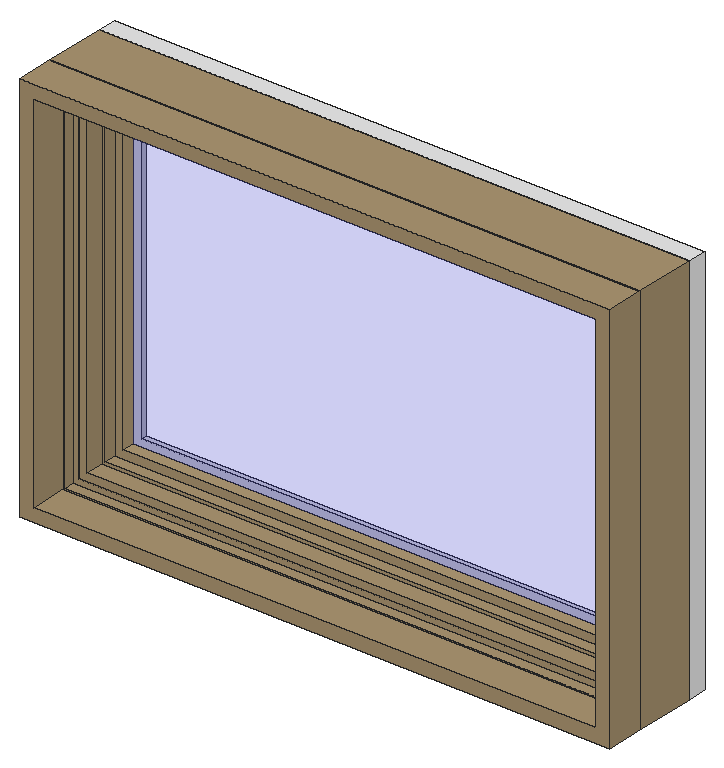
Revit family "Window-Awning-Pella-Architect-Contemporary-Fixed-1", category Windows, host Wall, Revit 2013
Parameters (values of type "Awning No Grille")
  Warranty = "https://content.pella.com/cs/groups/public/documents/document/mdaw/mde3/~edisp/pel-017828.pdf?_ga=1.89380059.1797906072.1467308852"
  Wall Thickness [instance] = 0' - 6"
  Visual Light Transmittance = 0
  Vertical Grille Spacing = (Width - 0' 4 47/64") / (Vertical Mullions + 1)  # 0' - 10 27/64"
  Vertical Grille Offset = Vertical Grille Spacing  # 0' - 10 27/64"
  Traditional Grille Single Vertical = and(Traditional Lites Wide = 2, Traditional Grille)  # no
  Traditional Grille Single Horizontal = and(Traditional Lites High = 2, Traditional Grille)  # no
  Traditional Grille Array Vertical = and(Traditional Lites Wide > 2, Traditional Grille)  # no
  Traditional Grille = no
  Traditional Lites Wide = 2
  Nail Fin = yes
  Max Lites = 10  # constant formula
  Horizontal Mullions = if(and(Traditional Lites High < Max Lites, Traditional Lites High > 3), Traditional Lites High - 1, if(or(Traditional Lites High = Max Lites, Traditional Lites High > Max Lites), Max Lites - 1, 2))  # 2
  URL = "http://professional.pella.com"
  Type Comments = "Awning"  # constant formula
  Traditional Grille Array Horizontal = and(Traditional Lites High > 2, Traditional Grille)  # no
  Thermal Resistance (R) = 10.0000 (h·ft²·°F)/BTU
  Specification = "http://media.pella.com/professional/adm/Wood-CSI_Specs/08551.rtf"
  Solar Heat Gain Coefficient = 0
  Rough Width = Width + 0' 0 3/4"  # 3' - 0 3/4"
  Rough Height = Height + 0' 0 3/4"  # 2' - 0 3/4"
  Requested Height = 2' - 0"
  Product Page URL = "http://professional.pella.com/windows/product-details/awning-architect"
  Product Name = "Architect Series Contemporary"  # constant formula
  Product Documentation Link = "http://media.pella.com/professional/adm/Clad-Wood/AW_ASSZTAB.pdf"
  Prairie Offset = 0' - 3"  # constant formula
  Prairie Grille = no
  Operation = "Fixed"  # constant formula
  Offset = 0' - 0"
  Mullions = 0' - 0 7/8"  # constant formula
  Model = "Awning Fixed"  # constant formula
  Min Width = 1' - 5"  # constant formula
  Min Height = 1' - 5"  # constant formula
  Max Width = 4' - 11"  # constant formula
  Max Height = 2' - 5"  # constant formula
  Material = "Wood - Pine"  # constant formula
  Manufacturer = "Pella"  # constant formula
  Requested Width = 3' - 0"
  LEED = "http://professional.pella.com/support/leed"
  Jamb Extensions Depth [instance] = if(Jamb Extensions Calc > 0' 0 1/8", Jamb Extensions Calc, 0' 0 1/8")  # 0' - 2 9/32"
  Jamb Extensions Calc [instance] = if(Offset > 0' 0", Wall Thickness - 0' 3 23/32" + Offset, Wall Thickness - 0' 3 23/32" - Inset)  # 0' - 2 9/32"
  Jamb Extensions = yes
  Interior Finish = Wood-Pella-Pine
  Inset = 0' - 0"
  Horizontal Grille Spacing = (Height - 0' 4 47/64") / (Horizontal Mullions + 1)  # 0' - 6 27/64"
  Horizontal Grille Offset = Horizontal Grille Spacing  # 0' - 6 27/64"
  Traditional Lites High = 2
  Height = if(and(Requested Height < Max Height, Requested Height > Min Height), Requested Height, if(or(Requested Height = Max Height, Requested Height > Max Height), Max Height, Min Height))  # 2' - 0"
  Heat Transfer Coefficient (U) = 0.1000 BTU/(h·ft²·°F)
  Grille Width = Width - 0' 4 47/64"  # 2' - 7 17/64"
  Grille Height = Height - 0' 4 47/64"  # 1' - 7 17/64"
  Vertical Mullions = if(and(Traditional Lites Wide < Max Lites, Traditional Lites Wide > 2), Traditional Lites Wide - 1, if(or(Traditional Lites Wide = Max Lites, Traditional Lites Wide > Max Lites), Max Lites - 1, 2))  # 2
  Glazing = Glass-Pella-Low_E-Argon
  Glass Thickness = 0' - 0 11/16"  # constant formula
  Finish = Aluminum-Pella-EnduraClad-White
  Energy Star = "http://www.pella.com/features-options/energy-efficiency/energy-star/"
  Description = "Aluminum Clad Wood Window"  # constant formula
  Depth = 0' - 5 1/128"  # constant formula
  Default Sill Height = 3' - 0"  # constant formula
  Wall Closure = By host
  Width = if(and(Requested Width < Max Width, Requested Width > Min Width), Requested Width, if(or(Requested Width = Max Width, Requested Width > Max Width), Max Width, Min Width))  # 3' - 0"
  Cladding = "Aluminum"  # constant formula
  Assembly Code = "B2020130"
  Analytic Construction = "<None>"
Types (4): name | Visual Light Transmittance | Traditional Grille Single Vertical | Traditional Grille Single Horizontal | Traditional Grille | Thermal Resistance (R) | Solar Heat Gain Coefficient | Prairie Grille | Heat Transfer Coefficient (U) | Analytic Construction
  (no name) | 0 | no | no | no | 1.7611 m²·K/W | 0 | no | 0.56783 W/(m²·K) | "<None>"
  Awning Traditional Grille | 0.76 | yes | yes | yes | 2.8573 (h·ft²·°F)/BTU | 0.65 | no | 0.3500 BTU/(h·ft²·°F) | "Double glazing - 1/8 in thick - low-E/clear (e = 0.2) glass"
  Awning Prairie Grille | 0.76 | no | no | no | 2.8573 (h·ft²·°F)/BTU | 0.65 | yes | 0.3500 BTU/(h·ft²·°F) | "Double glazing - 1/8 in thick - low-E/clear (e = 0.2) glass"
  Awning No Grille | 0 | no | no | no | 10.0000 (h·ft²·°F)/BTU | 0 | no | 0.1000 BTU/(h·ft²·°F) | "<None>"
Reference planes (in)
  plane 1 "Center (Front/Back)": y = 0
  plane 2: z = 0
  plane 3 "Center (Left/Right)": x = 0
  plane 4 "Left": x = -18
  plane 5 "Right": x = 18
  plane 6 "Sill": z = 36
  plane 7 "Top": z = 60
  plane 8 "Nail Flange": y = 3
  plane 9 "Glass Front": y = 3.19273
  plane 10 "Glass Back": y = 2.50523
  plane 11 "Front": y = 4.2919
  plane 12 "Back": y = -0.71591
  plane 13 "Glass Bottom": z = 37.99998
  plane 14 "Glass Top": z = 58.00002
  plane 15 "Glass Left": x = -16.00002
  plane 16 "Glass Right": x = 16.00002
  plane 17 "Inset": y = 3
  plane 18 "Jamb Extension": y = -0.71875
  plane 19 "Grille Bottom": z = 38.36679
  plane 20: z = 57.63321
  plane 21: x = 15.63321
  plane 22: x = -15.63321
  plane 23 "Prarie Right": x = 12.63321
  plane 24 "Prarie Left": x = -12.63321
  plane 25 "Prarie Top": z = 54.63321
  plane 26 "Prarie Bottom": z = 41.36679
  plane 27 "Center (Elevation)": z = 48
Forms (in)
  Sweep 1, solid, material "Wood-Pella-Pine" <- "Interior Finish", detail levels medium+fine
    path origin (0, 3, 0) x (-1, 0, 0) y (0, 0, 1)
      loop
        line (-18, 36) -> (18, 36) -> (18, 60) -> (-18, 60) -> (-18, 36)
    profile origin (-18, 3, 48) x (1, 0, 0) y (0, 1, 0)
      loop
        line (0, -3.71591) -> (0.875, -3.71591) -> (0.875, -3.04312) -> (1.25, -3.04312) -> (1.25, -1.52632) -> (1.029, -1.52632) -> (1.029, -0.84457) -> (0.72995, -0.84457) -> (0.72995, 0.33204) -> (0.259, 0.33204) -> (0.259, 0.08771) -> (0, 0.08771) -> (0, -3.71591)
  Sweep 2, solid, material "Aluminum-Pella-EnduraClad-White" <- "Finish", detail levels medium+fine
    path origin (0, 3, 0) x (-1, 0, 0) y (0, 0, 1)
      loop
        line (-18, 36) -> (18, 36) -> (18, 60) -> (-18, 60) -> (-18, 36)
    profile origin (-18, 3, 48) x (1, 0, 0) y (0, 1, 0)
      loop
        line (0.72995, -0.35799) -> (0.814, -0.35799) -> (0.814, 0.08998) -> (0.76564, 0.64798) -> (0.76564, 1.2299) -> (0.57394, 1.2299) -> (0.36396, 1.2919) -> (0.197, 1.2919) -> (0.197, 0.9179) -> (0.09, 0.9179) -> (0.09, 1.24933) -> (0, 1.24933) -> (0, 0.0999) -> (0.259, 0.0999) -> (0.259, 0.33204) -> (0.72995, 0.33204) -> (0.72995, -0.35799)
      loop
        line (1.012, 0.30847) -> (1.88298, 0.30847) -> (1.88298, 0.19273) -> (2.45587, 0.19273) -> (2.36679, 0.63726) -> (1.012, 0.63726) -> (1.012, 0.30847)
  Extrusion 3, solid, material "Glass-Pella-Low_E-Argon" <- "Glazing"
    sketch origin (0, 0, 36) x (0, -1, 0) y (1, 0, 0)
      loop
        line (-2.50523, -16.00002) -> (-2.50523, 16.00002) -> (-3.19273, 16.00002) -> (-3.19273, -16.00002) -> (-2.50523, -16.00002)
    from 1.99998 to 22.00002
  Sweep 4, solid, material "Aluminum-Pella-EnduraClad-White" <- "Finish", detail levels coarse
    path origin (0, 3, 0) x (-1, 0, 0) y (0, 0, 1)
      loop
        line (-18, 36) -> (18, 36) -> (18, 60) -> (-18, 60) -> (-18, 36)
    profile origin (-18, 3, 48) x (1, 0, 0) y (0, 1, 0)
      loop
        line (0, 0) -> (2.46, 0) -> (2.46, 0.63726) -> (0.76564, 0.63726) -> (0.76564, 1.2919) -> (0, 1.2919) -> (0, 0)
  Sweep 5, solid, material "Wood-Pella-Pine" <- "Interior Finish", detail levels coarse
    path origin (0, 3, 0) x (-1, 0, 0) y (0, 0, 1)
      loop
        line (-18, 36) -> (18, 36) -> (18, 60) -> (-18, 60) -> (-18, 36)
    profile origin (-18, 3, 48) x (1, 0, 0) y (0, 1, 0)
      loop
        line (0, -3.71591) -> (1.719, -3.71591) -> (1.719, -1.11274) -> (2.46, -1.11274) -> (2.46, 0) -> (0, 0) -> (0, -3.71591)
  Sweep 6, solid, material "Wood-Pella-Pine" <- "Interior Finish", visible <- "Jamb Extensions"
    path origin (0, -0.71875, 0) x (-1, 0, 0) y (0, 0, 1)
      loop
        line (-18, 36) -> (18, 36) -> (18, 60) -> (-18, 60) -> (-18, 36)
    profile origin (-18, -0.71875, 48) x (1, 0, 0) y (0, 1, 0)
      loop
        line (0, -2.28125) -> (0.812, -2.28125) -> (0.812, 0) -> (0, 0) -> (0, -2.28125)
  Sweep 7, solid, material "Wood-Pella-Pine" <- "Interior Finish", detail levels medium+fine
    path origin (0, 2.50523, 0) x (-1, 0, 0) y (0, 0, 1)
      loop
        line (-18, 36) -> (18, 36) -> (18, 60) -> (-18, 60) -> (-18, 36)
    profile origin (-18, 2.50523, 48) x (1, 0, 0) y (0, 1, 0)
      loop
        line (1.25, 0.80325) -> (1.25, -2.54796) -> (1.719, -2.54796) -> (1.719, -1.40696) -> (1.875, -1.40696) -> (1.875, -0.61796) -> (2.344, -0.61796) -> (2.47535, 0) -> (1.88298, 0) -> (1.88298, 0.80325) -> (1.25, 0.80325)
Lines and regions (in)
  Opening 1
    outline origin (-60, -3, 0) x (1, 0, 0) y (0, 0, 1)
      loop
        line (42, 60) -> (42, 36) -> (78, 36) -> (78, 60) -> (42, 60)
  Masking region 1, detail levels coarse
    outline origin (0, 0, 36) x (0, -1, 0) y (1, 0, 0)
      loop
        line (-3.19273, -15.54) -> (-2.50523, -15.54) -> (-2.50523, 15.54) -> (-3.19273, 15.54) -> (-3.19273, -15.54)
  Masking region 2, detail levels coarse
    outline origin (0, 0, 0) x (0, 1, 0) y (0, 0, 1)
      loop
        line (3.19273, 38.46) -> (3.19273, 57.54) -> (2.50523, 57.54) -> (2.50523, 38.46) -> (3.19273, 38.46)
  Masking region 3, detail levels medium+fine
    outline origin (0, 0, 0) x (0, 1, 0) y (0, 0, 1)
      loop
        line (3.19273, 37.99998) -> (3.19273, 58.00002) -> (3.06773, 58.00002) -> (3.06773, 37.99998) -> (3.19273, 37.99998)
      loop
        line (2.63023, 37.99998) -> (2.63023, 58.00002) -> (2.50523, 58.00002) -> (2.50523, 37.99998) -> (2.63023, 37.99998)
  Masking region 4, detail levels medium+fine
    outline origin (0, 0, 36) x (0, -1, 0) y (1, 0, 0)
      loop
        line (-2.50523, -16.00002) -> (-2.50523, 16.00002) -> (-2.63023, 16.00002) -> (-2.63023, -16.00002) -> (-2.50523, -16.00002)
      loop
        line (-3.06773, -16.00002) -> (-3.06773, 16.00002) -> (-3.19273, 16.00002) -> (-3.19273, -16.00002) -> (-3.06773, -16.00002)
  Masking region 5, visible <- "Jamb Extensions"
    outline origin (0, 0, 48) x (1, 0, 0) y (0, 1, 0)
      loop
        line (-18, -3) -> (-17.188, -3) -> (-17.188, -0.71591) -> (-18, -0.71591) -> (-18, -3)
      loop
        line (17.188, -3) -> (18, -3) -> (18, -0.71591) -> (17.188, -0.71591) -> (17.188, -3)
  Masking region 6, visible <- "Jamb Extensions"
    outline origin (0, 0, 0) x (0, 1, 0) y (0, 0, 1)
      loop
        line (-0.71591, 36) -> (-0.71591, 36.812) -> (-3, 36.812) -> (-3, 36) -> (-0.71591, 36)
      loop
        line (-0.71591, 59.188) -> (-0.71591, 60) -> (-3, 60) -> (-3, 59.188) -> (-0.71591, 59.188)
  symbolic lines, style "Elevation Swing"
    curve 1: line (18, 4.2919, 36) -> (0, 4.2919, 60)
    curve 2: line (0, 4.2919, 60) -> (-18, 4.2919, 36)
Text (in)
  text "EXTERIOR" at (-58.6888, 50.90694, 0), in view "Ref. Level"
  text "INTERIOR" at (-58.6888, -37.76638, 0), in view "Ref. Level"
  text "Exterior" at (0, 43.65631, 123.19604), in view "Left"
  text "Exterior" at (0, 18.29385, 125.04747), in view "Right"
Dimensions and locks (in)
  equal spacing: plane 4 "Left", plane 3 "Center (Left/Right)", plane 5 "Right"
  "Width": plane 4 "Left" to plane 5 "Right"
  "Height": plane 6 "Sill" to plane 7 "Top"
  "Default Sill Height": plane 2 to plane 6 "Sill"
  locked: plane 9 "Glass Front" to plane 8 "Nail Flange" at 0.19273
  "Offset": plane 8 "Nail Flange" to plane 17 "Inset"
  locked: Masking region 1 sketch curve to plane 16 "Glass Right" at 0.46002
  locked: plane 15 "Glass Left" to Masking region 1 sketch curve at 0.46002
  locked: Masking region 2 sketch curve to plane 14 "Glass Top" at 0.46002
  locked: plane 13 "Glass Bottom" to Masking region 2 sketch curve at 0.46002
  locked: plane 9 "Glass Front" to Masking region 3 sketch curve at 0.125
  locked: Masking region 3 sketch curve to plane 10 "Glass Back" at 0.125
  locked: Masking region 4 sketch curve to plane 10 "Glass Back" at 0.125
  locked: plane 9 "Glass Front" to Masking region 4 sketch curve at 0.125
  locked: plane 11 "Front" to plane 8 "Nail Flange" at 1.2919
  "Depth": plane 11 "Front" to plane 12 "Back"
  plane 4 "Left" to Sweep 2 sketch curve to Sweep 2 sketch curve to Sweep 2 sketch curve to Sweep 2 sketch curve to Sweep 2 sketch curve to Sweep 2 sketch curve to Sweep 2 sketch curve to Sweep 2 sketch curve = 0' - 0.09" locked, 0' - 0.107" locked, 0' - 0.062" locked, 0' - 0.10496" locked, 0' - 0.20997" locked, 0' - 0.15601" locked, 0' - 0.0357" locked, 0' - 0.04836" locked
  plane 11 "Front" to Sweep 2 sketch curve to Sweep 2 sketch curve to Sweep 2 sketch curve to Sweep 2 sketch curve to Sweep 2 sketch curve to Sweep 2 sketch curve to Sweep 2 sketch curve to Sweep 2 sketch curve = 0' - 0.04257" locked, 0' - 0.01943" locked, 0' - 0.312" locked, 0' - 0.26992" locked, 0' - 0.31594" locked, 0' - 0.23214" locked, 0' - 0.00992" locked, 0' - 0.44797" locked
  locked: plane 6 "Sill" to plane 13 "Glass Bottom" at 1.99998
  locked: plane 7 "Top" to plane 14 "Glass Top" at 1.99998
  locked: plane 16 "Glass Right" to plane 5 "Right" at 1.99998
  locked: plane 4 "Left" to plane 15 "Glass Left" at 1.99998
  locked: Sweep 4 sketch curve to plane 8 "Nail Flange" at 0.63726
  plane 4 "Left" to Sweep 4 sketch curve to Sweep 4 sketch curve = 0' - 0 49/64" locked, 0' - 1.69436" locked
  locked: plane 8 "Nail Flange" to Sweep 5 sketch curve at 1.11274
  plane 4 "Left" to Sweep 5 sketch curve to Sweep 5 sketch curve = 0' - 1.719" locked, 0' - 0.741" locked
  "Inset": host wall to plane 17 "Inset"
  "Wall Thickness": host wall to host wall
  "Jamb Extensions Depth": host wall to plane 18 "Jamb Extension"
  locked: plane 4 "Left" to Sweep 6 sketch curve at 0.812
  locked: plane 20 to plane 7 "Top" at 2.36679
  locked: plane 6 "Sill" to plane 19 "Grille Bottom" at 2.36679
  locked: plane 5 "Right" to plane 21 at 2.36679
  locked: plane 4 "Left" to plane 22 at 2.36679
  "Prairie Offset": plane 19 "Grille Bottom" to plane 26 "Prarie Bottom"
  "Prairie Offset": plane 25 "Prarie Top" to plane 20
  "Prairie Offset": plane 21 to plane 23 "Prarie Right"
  "Prairie Offset": plane 24 "Prarie Left" to plane 22
  locked: nested 7 to plane 9 "Glass Front" at 0
  locked: nested 8 to plane 9 "Glass Front" at 0
  locked: plane 21 to nested 8 at 0.00237
  "Vertical Grille Offset": nested 9 to plane 21
  group 2 to group 1 = 0' - 10 27/64"
  group 1 to group 2 = 0' - 0"  (x2)
  "Vertical Grille Spacing": nested 10 to nested 9
  "Horizontal Grille Offset": plane 19 "Grille Bottom" to nested 11
  group 3 to group 4 = 0' - 0"  (x2)
  group 3 to group 4 = 0' - 6 27/64"
  "Horizontal Grille Spacing": nested 11 to nested 12
  locked: nested 12 to plane 21 at 0
  equal spacing: plane 6 "Sill", plane 27 "Center (Elevation)", plane 7 "Top"
  locked: nested 14 to plane 27 "Center (Elevation)"
  locked: plane 4 "Left" to Masking region 5 sketch curve at 0.812
  locked: Masking region 5 sketch curve to plane 5 "Right" at 0.812
  locked: Masking region 6 sketch curve to plane 7 "Top" at 0.812
  locked: plane 6 "Sill" to Masking region 6 sketch curve at 0.812
  "Glass Thickness": plane 9 "Glass Front" to plane 10 "Glass Back"
  Sweep 1 sketch curve to Sweep 1 sketch curve to Sweep 1 sketch curve to Sweep 1 sketch curve to Sweep 1 sketch curve to plane 18 "Jamb Extension" = 0' - 0.24433" locked, 0' - 0.93227" locked, 0' - 0.68175" locked, 0' - 1.5168" locked, 0' - 0.67563" locked
  plane 4 "Left" to Sweep 1 sketch curve to Sweep 1 sketch curve to Sweep 1 sketch curve to Sweep 1 sketch curve to Sweep 1 sketch curve = 0' - 0.259" locked, 0' - 0.47095" locked, 0' - 0.14505" locked, 0' - 0.154" locked, 0' - 0.221" locked
  Sweep 2 sketch curve to Sweep 2 sketch curve to plane 9 "Glass Front" = 0' - 0.32879" locked, 0' - 0.11575" locked
  Sweep 2 sketch curve to Sweep 2 sketch curve to plane 15 "Glass Left" to Sweep 2 sketch curve to Sweep 2 sketch curve = 0' - 0.87098" locked, 0' - 0.117" locked, 0' - 0.36681" locked, 0' - 0.08908" locked
  Sweep 7 sketch curve to plane 10 "Glass Back" to Sweep 7 sketch curve to Sweep 7 sketch curve to Sweep 7 sketch curve = 0' - 0.80325" locked, 0' - 0.61796" locked, 0' - 0.789" locked, 0' - 1.141" locked
  Sweep 7 sketch curve to Sweep 7 sketch curve to Sweep 7 sketch curve to Sweep 7 sketch curve to plane 15 "Glass Left" to Sweep 7 sketch curve to Sweep 7 sketch curve = 0' - 0.469" locked, 0' - 0.156" locked, 0' - 0.00798" locked, 0' - 0.117" locked, 0' - 0.34402" locked, 0' - 0.13135" locked
  aligned and locked: plane 7 "Top" to Opening 1 sketch curve
  aligned and locked: plane 6 "Sill" to Opening 1 sketch curve  (x2)
  aligned and locked: plane 5 "Right" to Opening 1 sketch curve
  aligned and locked: plane 4 "Left" to Opening 1 sketch curve
  aligned and locked: level to plane 2
  aligned and locked: nested 1 to plane 8 "Nail Flange"
  aligned and locked: nested 1 to plane 5 "Right"
  aligned and locked: plane 8 "Nail Flange" to nested 2
  aligned and locked: nested 2 to plane 4 "Left"
  aligned and locked: plane 8 "Nail Flange" to nested 3
  aligned and locked: nested 3 to plane 6 "Sill"
  aligned and locked: nested 4 to plane 8 "Nail Flange"
  aligned and locked: nested 4 to plane 7 "Top"
  aligned and locked: Masking region 1 sketch curve to plane 9 "Glass Front"
  aligned and locked: plane 10 "Glass Back" to Masking region 1 sketch curve
  aligned and locked: plane 10 "Glass Back" to Masking region 2 sketch curve
  aligned and locked: Masking region 2 sketch curve to plane 9 "Glass Front"
  aligned and locked: plane 10 "Glass Back" to Masking region 3 sketch curve
  aligned and locked: Masking region 3 sketch curve to plane 9 "Glass Front"
  aligned and locked: plane 9 "Glass Front" to Masking region 4 sketch curve
  aligned and locked: Masking region 4 sketch curve to plane 10 "Glass Back"
  aligned and locked: Sweep 1 sketch curve to plane 5 "Right"
  aligned and locked: plane 4 "Left" to Sweep 1 sketch curve  (x2)
  aligned and locked: Sweep 1 sketch curve to plane 7 "Top"
  aligned and locked: plane 6 "Sill" to Sweep 1 sketch curve
  aligned and locked: Sweep 1 sketch curve to plane 12 "Back"
  aligned and locked: Sweep 2 sketch curve to plane 5 "Right"
  aligned and locked: plane 4 "Left" to Sweep 2 sketch curve  (x2)
  aligned and locked: plane 6 "Sill" to Sweep 2 sketch curve
  aligned and locked: Sweep 2 sketch curve to plane 7 "Top"
  aligned and locked: plane 11 "Front" to Sweep 2 sketch curve
  aligned and locked: plane 10 "Glass Back" to Extrusion 3 sketch curve
  aligned and locked: Extrusion 3 sketch curve to plane 9 "Glass Front"
  aligned and locked: plane 15 "Glass Left" to Extrusion 3 sketch curve
  aligned and locked: plane 16 "Glass Right" to Extrusion 3 sketch curve
  aligned and locked: plane 15 "Glass Left" to Masking region 4 sketch curve  (x2)
  aligned and locked: plane 16 "Glass Right" to Masking region 4 sketch curve  (x2)
  aligned and locked: plane 13 "Glass Bottom" to Masking region 3 sketch curve  (x2)
  aligned and locked: Masking region 3 sketch curve to plane 14 "Glass Top"  (x2)
  aligned and locked: Extrusion 3 to plane 13 "Glass Bottom"
  aligned and locked: plane 14 "Glass Top" to Extrusion 3
  aligned and locked: plane 6 "Sill" to Sweep 4 sketch curve
  aligned and locked: Sweep 4 sketch curve to plane 5 "Right"
  aligned and locked: Sweep 4 sketch curve to plane 7 "Top"
  aligned and locked: plane 4 "Left" to Sweep 4 sketch curve  (x2)
  aligned and locked: plane 11 "Front" to Sweep 4 sketch curve
  aligned and locked: Sweep 4 sketch curve to plane 8 "Nail Flange"
  aligned and locked: plane 4 "Left" to Sweep 5 sketch curve  (x2)
  aligned and locked: Sweep 5 sketch curve to plane 5 "Right"
  aligned and locked: Sweep 5 sketch curve to plane 7 "Top"
  aligned and locked: plane 6 "Sill" to Sweep 5 sketch curve
  aligned and locked: Sweep 5 sketch curve to plane 12 "Back"
  aligned and locked: plane 8 "Nail Flange" to Sweep 5 sketch curve
  aligned and locked: Sweep 6 sketch curve to plane 5 "Right"
  aligned and locked: plane 4 "Left" to Sweep 6 sketch curve  (x2)
  aligned and locked: plane 6 "Sill" to Sweep 6 sketch curve
  aligned and locked: Sweep 6 sketch curve to plane 7 "Top"
  aligned and locked: plane 18 "Jamb Extension" to Sweep 6 sketch curve
  aligned and locked: host wall to Sweep 6 sketch curve
  aligned and locked: plane 9 "Glass Front" to nested 5
  aligned and locked: plane 23 "Prarie Right" to nested 5
  aligned and locked: plane 9 "Glass Front" to nested 6
  aligned and locked: plane 21 to nested 6
  aligned and locked: plane 26 "Prarie Bottom" to nested 6
  aligned and locked: plane 24 "Prarie Left" to nested 7
  aligned and locked: plane 25 "Prarie Top" to nested 8
  aligned and locked: plane 9 "Glass Front" to nested 9
  aligned and locked: plane 9 "Glass Front" to nested 10
  aligned and locked: plane 9 "Glass Front" to nested 11
  aligned and locked: plane 21 to nested 11
  aligned and locked: plane 9 "Glass Front" to nested 12
  aligned and locked: plane 9 "Glass Front" to nested 13
  aligned and locked: plane 3 "Center (Left/Right)" to nested 13
  aligned and locked: plane 9 "Glass Front" to nested 14
  aligned and locked: plane 21 to nested 14
  aligned and locked: plane 12 "Back" to Masking region 5 sketch curve  (x2)
  aligned and locked: host wall to Masking region 5 sketch curve  (x2)
  aligned and locked: plane 4 "Left" to Masking region 5 sketch curve
  aligned and locked: Masking region 5 sketch curve to plane 5 "Right"
  aligned and locked: Masking region 6 sketch curve to plane 6 "Sill"
  aligned and locked: Masking region 6 sketch curve to host wall  (x2)
  aligned and locked: Masking region 6 sketch curve to plane 12 "Back"  (x2)
  aligned and locked: plane 7 "Top" to Masking region 6 sketch curve
  aligned and locked: plane 9 "Glass Front" to Sweep 2 sketch curve
  aligned and locked: plane 6 "Sill" to Sweep 7 sketch curve
  aligned and locked: Sweep 7 sketch curve to plane 5 "Right"
  aligned and locked: Sweep 7 sketch curve to plane 7 "Top"
  aligned and locked: plane 4 "Left" to Sweep 7 sketch curve
  aligned and locked: Sweep 7 sketch curve to plane 10 "Glass Back"
  aligned and locked: plane 6 "Sill" to curve 2
  aligned and locked: plane 4 "Left" to curve 2
  aligned and locked: plane 6 "Sill" to curve 1
  aligned and locked: plane 5 "Right" to curve 1
  aligned and locked: plane 3 "Center (Left/Right)" to curve 1
  aligned and locked: plane 7 "Top" to curve 1
Nested families (in)
  nested 1: "Nested-Awning-Pella-Architect-Contemporary-Fixed" at (18, 3, 36) x (0, -1, 0) z (0, 0, -1), type "Fixed Awning"
  nested 2: "Nested-Awning-Pella-Architect-Contemporary-Fixed" at (-18, 3, 36) x (0, -1, 0) z (0, 0, -1), type "Fixed Awning"
  nested 3: "Nested-Awning-Pella-Architect-Contemporary-Fixed" at (0, 3, 36) x (0, -1, 0) z (1, 0, 0), type "Fixed Awning"
  nested 4: "Nested-Awning-Pella-Architect-Contemporary-Fixed" at (0, 3, 60) x (0, -1, 0) z (1, 0, 0), type "Fixed Awning"
  nested 5: "Nested-Mullion-Pella" at (12.63321, 2.84898, 38.36679), visible <- "Prairie Grille", type "Vertical Mullion"
    with Height 1' - 7 17/64", Glass Thickness 0' - 0 11/16", Depth 0' - 1 7/16"
  nested 6: "Nested-Mullion-Pella" at (0.00039, 2.84898, 40.92929), visible <- "Prairie Grille", type "Horizontal Mullion"
    with Width 2' - 7 17/64", Glass Thickness 0' - 0 11/16", Depth 0' - 1 7/16"
  nested 7: "Nested-Mullion-Pella" at (-12.63321, 2.84898, 38.36679), visible <- "Prairie Grille", type "Vertical Mullion"
    with Height 1' - 7 17/64", Glass Thickness 0' - 0 11/16", Depth 0' - 1 7/16"
  nested 8: "Nested-Mullion-Pella" at (-0.00198, 2.84898, 54.19571), visible <- "Prairie Grille", type "Horizontal Mullion"
    with Width 2' - 7 17/64", Glass Thickness 0' - 0 11/16", Depth 0' - 1 7/16"
  nested 9: "Nested-Mullion-Pella" at (5.21133, 2.84898, 38.36679), visible <- "Traditional Grille Array Vertical", type "Vertical Mullion"
    with Height 1' - 7 17/64", Glass Thickness 0' - 0 11/16", Depth 0' - 1 7/16"
  nested 10: "Nested-Mullion-Pella" at (-5.21054, 2.84898, 38.36679), visible <- "Traditional Grille Array Vertical", type "Vertical Mullion"
    with Height 1' - 7 17/64", Glass Thickness 0' - 0 11/16", Depth 0' - 1 7/16"
  nested 11: "Nested-Mullion-Pella" at (0.00039, 2.84898, 44.35117), visible <- "Traditional Grille Array Horizontal", type "Horizontal Mullion"
    with Width 2' - 7 17/64", Glass Thickness 0' - 0 11/16", Depth 0' - 1 7/16"
  nested 12: "Nested-Mullion-Pella" at (0.00039, 2.84898, 50.77304), visible <- "Traditional Grille Array Horizontal", type "Horizontal Mullion"
    with Width 2' - 7 17/64", Glass Thickness 0' - 0 11/16", Depth 0' - 1 7/16"
  nested 13: "Nested-Mullion-Pella" at (0, 2.84898, 38.36679), visible <- "Traditional Grille Single Vertical", type "Vertical Mullion"
    with Height 1' - 7 17/64", Glass Thickness 0' - 0 11/16", Depth 0' - 1 7/16"
  nested 14: "Nested-Mullion-Pella" at (0.00039, 2.84898, 47.5625), visible <- "Traditional Grille Single Horizontal", type "Horizontal Mullion"
    with Width 2' - 7 17/64", Glass Thickness 0' - 0 11/16", Depth 0' - 1 7/16"
Definition of nested family "Nested-Mullion-Pella"
  Parameters (values of type "Vertical Mullion")
    Width = 0' - 0 7/8"
    Vertical = yes
    URL = "http://www.pella.com/"
    Type Comments = "Mullion"  # constant formula
    Model = "Mullion for Pella Models"  # constant formula
    Manufacturer = "Pella"  # constant formula
    Interior Finish = Wood-Pella-Pine
    Horizontal = no
    Height = 1' - 8 49/64"
    Glass Thickness = 0' - 0 13/16"
    Finish = Aluminum-Pella-EnduraClad-White
    Description = "For use with Pella Models"  # constant formula
    Depth = Glass Thickness + 0' 0 3/4"  # 0' - 1 9/16"
    Default Elevation = 4' - 0"
  Types (2): name | Width | Vertical | Horizontal | Height
    Horizontal Mullion | 1' - 8 49/64" | no | yes | 0' - 0 7/8"
    Vertical Mullion | 0' - 0 7/8" | yes | no | 1' - 8 49/64"
  Reference planes (in)
    plane 1 "Center (Front/Back)": y = 0
    plane 2 "Bottom": z = 0
    plane 3 "Center (Left/Right)": x = 0
    plane 4 "Left": x = -0.4375
    plane 5 "Right": x = 0.4375
    plane 6 "Front": y = -0.78125
    plane 7 "Back": y = 0.78125
    plane 8 "Top": z = 20.76563
    plane 9 "Glass Back": y = 0.40625
    plane 10 "Glass Front": y = -0.40625
    plane 11 "Center (Elevation)": z = 10.38281
  Forms (in)
    Extrusion 1, solid, material "Aluminum-Pella-EnduraClad-White" <- "Finish", detail levels medium+fine
      sketch origin (0, 0, 0) x (1, 0, 0) y (0, 1, 0)
        loop
          line (-0.4375, 0.78125) -> (-0.4375, 0.40625) -> (0.4375, 0.40625) -> (0.4375, 0.78125) -> (-0.4375, 0.78125)
      from 0 to 20.76562
    Extrusion 2, solid, material "Wood-Pella-Pine" <- "Interior Finish", detail levels medium+fine
      sketch origin (0, 0, 0) x (1, 0, 0) y (0, 1, 0)
        loop
          line (-0.4375, -0.40625) -> (-0.4375, -0.78125) -> (0.4375, -0.78125) -> (0.4375, -0.40625) -> (-0.4375, -0.40625)
      from 0 to 20.76562
    Extrusion 3, solid, material "Foam-Pella-Dark_Grey", detail levels medium+fine
      sketch origin (0, 0, 0) x (1, 0, 0) y (0, 1, 0)
        loop
          line (-0.25, -0.28125) -> (0.25, -0.28125) -> (0.25, 0.28125) -> (-0.25, 0.28125) -> (-0.25, -0.28125)
      from 0 to 20.76562
  Lines and regions (in)
    model lines, visible <- "Vertical", detail levels coarse
      curve 1: line (0, -0.40625, 0) -> (0, -0.40625, 20.76563)
      curve 2: line (0, 0.40625, 0) -> (0, 0.40625, 20.76563)
    model lines, visible <- "Horizontal", detail levels coarse
      curve 3: line (-0.4375, 0.40625, 10.38281) -> (0.4375, 0.40625, 10.38281)
      curve 4: line (-0.4375, -0.40625, 10.38281) -> (0.4375, -0.40625, 10.38281)
  Dimensions and locks (in)
    equal spacing: plane 4 "Left", plane 3 "Center (Left/Right)", plane 5 "Right"
    "Width": plane 4 "Left" to plane 5 "Right"
    "Height": plane 8 "Top" to level
    equal spacing: plane 10 "Glass Front", plane 1 "Center (Front/Back)", plane 9 "Glass Back"
    "Glass Thickness": plane 10 "Glass Front" to plane 9 "Glass Back"
    equal spacing: plane 7 "Back", plane 1 "Center (Front/Back)", plane 6 "Front"
    "Depth": plane 7 "Back" to plane 6 "Front"
    equal spacing: plane 8 "Top", plane 11 "Center (Elevation)", level
    locked: plane 10 "Glass Front" to Extrusion 3 sketch curve at 0.125
    locked: plane 9 "Glass Back" to Extrusion 3 sketch curve at 0.125
    locked: plane 4 "Left" to Extrusion 3 sketch curve at 0.1875
    locked: Extrusion 3 sketch curve to plane 5 "Right" at 0.1875
    aligned and locked: plane 2 "Bottom" to level
    aligned and locked: plane 3 "Center (Left/Right)" to curve 1
    aligned and locked: plane 8 "Top" to curve 1
    aligned and locked: level to curve 1
    aligned and locked: curve 2 to plane 3 "Center (Left/Right)"
    aligned and locked: plane 8 "Top" to curve 2
    aligned and locked: level to curve 2
    aligned and locked: plane 5 "Right" to curve 3
    aligned and locked: plane 4 "Left" to curve 3
    aligned and locked: plane 11 "Center (Elevation)" to curve 3
    aligned and locked: curve 4 to plane 11 "Center (Elevation)"
    aligned and locked: plane 5 "Right" to curve 4
    aligned and locked: plane 4 "Left" to curve 4
    aligned and locked: plane 9 "Glass Back" to Extrusion 1 sketch curve
    aligned and locked: Extrusion 1 sketch curve to plane 7 "Back"
    aligned and locked: Extrusion 1 sketch curve to plane 4 "Left"
    aligned and locked: Extrusion 1 sketch curve to plane 5 "Right"
    aligned and locked: plane 6 "Front" to Extrusion 2 sketch curve
    aligned and locked: plane 10 "Glass Front" to Extrusion 2 sketch curve
    aligned and locked: Extrusion 2 sketch curve to plane 4 "Left"
    aligned and locked: Extrusion 2 sketch curve to plane 5 "Right"
    aligned and locked: plane 8 "Top" to Extrusion 2
    aligned and locked: Extrusion 2 to level
    aligned and locked: plane 8 "Top" to Extrusion 1
    aligned and locked: Extrusion 1 to level
    aligned and locked: Extrusion 3 to level
    aligned and locked: plane 8 "Top" to Extrusion 3
Definition of nested family "Nested-Awning-Pella-Architect-Contemporary-Fixed"
  Parameters (values of type "Fixed Awning")
    Type Comments = "For use with Pella Architect Series Models"  # constant formula
    Nail Fin = yes
    Glass Thickness = 0' - 0 11/16"
    Assembly Code = "B2020130"
  Reference planes (in)
    plane 1 "Bottom Placement": y = 0
    plane 2: z = 0
    plane 3 "Center (Left/Right)": x = 0
    plane 4 "Back": x = 3.71496
    plane 5 "Front": x = -1.2919
    plane 6 "Glass Intersection": y = 1.99998
    plane 7 "Glass Front": x = -0.18976
    plane 8 "Glass Back": x = 0.49774
  Lines and regions (in)
    Filled region 1, type "Wood - Pella", in view "Ref. Level", detail levels medium+fine
      outline origin (0, 0, 0) x (1, 0, 0) y (0, 1, 0)
        loop
          line (3.15196, 0.081) -> (3.15196, 0) -> (3.71496, 0) -> (3.71496, 0.875) -> (3.04312, 0.875) -> (3.04312, 1.25) -> (2.90041, 1.25) -> (2.90041, 0.843) -> (2.38542, 0.843) -> (2.38542, 1.093) -> (1.839, 1.093) -> (1.839, 1.25) -> (1.52632, 1.25) -> (1.52632, 1.029) -> (0.84457, 1.029) -> (0.84457, 0.774) -> (0.38931, 0.774) -> (0.38931, 0.6938) -> (-0.08795, 0.6938) -> (-0.08795, 0.75022) -> (-0.15701, 0.75022) -> (-0.33204, 0.52355) -> (-0.33204, 0.422) -> (-0.14985, 0.259) -> (-0.09407, 0.259) -> (-0.09407, 0.313) -> (0.00845, 0.313) -> (0.00845, 0.081) -> (3.15196, 0.081)
    Filled region 2, type "Wood - Pella", in view "Ref. Level", detail levels medium+fine
      outline origin (0, 0, 0) x (1, 0, 0) y (0, 1, 0)
        loop
          line (1.11274, 1.25) -> (1.11274, 2.344) -> (0.49774, 2.47472) -> (0.49774, 2.222) -> (0.56674, 2.222) -> (0.56674, 1.88298) -> (-0.25656, 1.88298) -> (-0.25656, 1.796) -> (-0.38426, 1.796) -> (-0.38426, 1.866) -> (-0.57908, 1.81947) -> (-0.60226, 1.38) -> (-0.36742, 1.25) -> (-0.36742, 1.445) -> (-0.26481, 1.445) -> (-0.26481, 1.25) -> (-0.04026, 1.25) -> (-0.04026, 1.315) -> (0.47574, 1.315) -> (0.47574, 1.25) -> (1.11274, 1.25)
    Masking region 1, in view "Ref. Level", detail levels medium+fine
      outline origin (0, 0, 0) x (1, 0, 0) y (0, 1, 0)
        loop
          line (-1.1063, 0) -> (-1.04986, 0.02362) -> (-0.2799, 0.02362)
          arc (-0.2799, 0.02362) -> (-0.25144, 0.04367) -> (-0.25679, 0.07807) r 0.033
          line (-0.25679, 0.07807) -> (-0.24489, 0.214) -> (-0.1449, 0.214) -> (-0.1449, 0.07562)
          arc (-0.1449, 0.07562) -> (-0.14158, 0.03402) -> (-0.0999, 0.03196) r 0.03161
          line (-0.0999, 0.03196) -> (-0.0999, 0.20433) -> (-0.03496, 0.20433) -> (-0.03496, 0.29969) -> (-0.08183, 0.29969) -> (-0.08183, 0.259) -> (-0.28613, 0.259) -> (-0.30266, 0.07) -> (-0.8729, 0.07) -> (-0.8729, 0.242) -> (-1.2469, 0.242) -> (-1.2469, 0.35779) -> (-1.1849, 0.56776) -> (-1.1849, 0.71877) -> (-0.64595, 0.71877) -> (-0.08795, 0.76713) -> (-0.08795, 0.72995) -> (-0.05389, 0.72995) -> (0.01051, 0.76713) -> (0.35799, 0.76713) -> (0.35799, 0.814) -> (-0.08998, 0.814) -> (-0.64798, 0.76564) -> (-1.2299, 0.76564) -> (-1.2299, 0.57394) -> (-1.2919, 0.36396) -> (-1.2919, 0.197) -> (-0.9179, 0.197) -> (-0.9179, 0.09) -> (-1.20133, 0.09)
          arc (-1.20133, 0.09) -> (-1.24784, 0.0541) -> (-1.2249, 0) r 0.04809
          line (-1.2249, 0) -> (-1.1063, 0)
        loop
          line (-0.63726, 1.012) -> (-0.46027, 1.012) -> (-0.46027, 1.09838) -> (-0.56827, 1.18307) -> (-0.56827, 1.21875) -> (-0.30847, 1.21875) -> (-0.30847, 1.30814) -> (-0.33972, 1.30814) -> (-0.33972, 1.25) -> (-0.59952, 1.25) -> (-0.59952, 1.16786) -> (-0.49152, 1.08317) -> (-0.49152, 1.04325) -> (-0.60601, 1.04325) -> (-0.60601, 2.34118) -> (-0.29274, 2.40396) -> (-0.29274, 2.14689) -> (-0.58174, 1.95195) -> (-0.58174, 1.866) -> (-0.35538, 1.866) -> (-0.35538, 1.81889) -> (-0.32413, 1.81889) -> (-0.32413, 1.89725) -> (-0.55377, 1.89725) -> (-0.55377, 1.93312) -> (-0.26149, 2.13027) -> (-0.26149, 2.34654) -> (-0.19273, 2.34654) -> (-0.19273, 2.45587) -> (-0.63726, 2.36679) -> (-0.63726, 1.012)
    Masking region 2, in view "Ref. Level", visible <- "Nail Fin", detail levels fine
      outline origin (0, 0, 0) x (1, 0, 0) y (0, 1, 0)
        loop
          line (-0.14503, 0.08096) -> (-0.15471, 0.214) -> (-0.24621, 0.214) -> (-0.24621, -0.02866) -> (-0.03125, -0.02866) -> (-0.03125, -1.23276) -> (0, -1.23276) -> (0, 0.00259) -> (-0.21496, 0.00259) -> (-0.21496, 0.18191) -> (-0.18371, 0.18191) -> (-0.17636, 0.08096) -> (-0.14503, 0.08096)
    Masking region 3, in view "Ref. Level", detail levels coarse
      outline origin (0, 0, 0) x (1, 0, 0) y (0, 1, 0)
        loop
          line (-1.2919, 0) -> (3.71496, 0) -> (3.71496, 1.719) -> (1.11274, 1.719) -> (1.11274, 2.46) -> (-0.63726, 2.46) -> (-0.63726, 0.76564) -> (-1.2919, 0.76564) -> (-1.2919, 0)
    Filled region 3, type "Wood - Pella", in view "Ref. Level", detail levels medium+fine
      outline origin (0, 0, 0) x (1, 0, 0) y (0, 1, 0)
        loop
          line (1.15174, 1.875) -> (1.12294, 1.49725) -> (1.25379, 1.49725) -> (1.25379, 1.179) -> (1.34123, 1.179) -> (1.34123, 1.25) -> (1.8639, 1.25) -> (1.8639, 1.177) -> (2.24984, 1.177) -> (2.24984, 1.45229) -> (2.37991, 1.45229) -> (2.37991, 1.177) -> (2.87948, 1.177) -> (2.87948, 1.2545) -> (3.04274, 1.2545) -> (3.04274, 1.719) -> (1.90174, 1.719) -> (1.90174, 1.875) -> (1.15174, 1.875)
    Masking region 4, in view "Ref. Level", detail levels fine
      outline origin (0, 0, 0) x (1, 0, 0) y (0, 1, 0)
        loop
          line (-0.21026, 0.814) -> (0.78374, 0.814) -> (0.78374, 1.17578) -> (0.65874, 1.25) -> (0.4478, 1.25) -> (0.25249, 1.14453) -> (0.27476, 1.10329) -> (0.43999, 1.19251) -> (0.43999, 0.86088) -> (-0.13032, 0.86088) -> (0.06892, 1.21689) -> (0.02802, 1.23978) -> (-0.21026, 0.814)
        loop
          line (0.64587, 1.20313) -> (0.48686, 1.20313) -> (0.48686, 0.86088) -> (0.73686, 0.86088) -> (0.73686, 1.1491) -> (0.64587, 1.20313)
  Dimensions and locks (in)
    locked: plane 5 "Front" to plane 3 "Center (Left/Right)" at 1.2919
    locked: plane 3 "Center (Left/Right)" to plane 4 "Back" at 3.71496
    locked: plane 7 "Glass Front" to plane 3 "Center (Left/Right)" at 0.18976
    "Glass Thickness": plane 7 "Glass Front" to plane 8 "Glass Back"
    plane 1 "Bottom Placement" to Masking region 1 sketch curve to Masking region 1 sketch curve to Masking region 1 sketch curve to Masking region 1 sketch curve to Masking region 1 sketch curve to Masking region 1 sketch curve to Masking region 1 sketch curve to Masking region 1 sketch curve to Masking region 1 sketch curve to Masking region 1 sketch curve to Masking region 1 sketch curve to Masking region 1 sketch curve to Masking region 1 sketch curve to Masking region 1 sketch curve to Masking region 1 sketch curve to Masking region 1 sketch curve to Masking region 1 sketch curve to Masking region 1 sketch curve to Masking region 1 sketch curve to Masking region 1 sketch curve to Masking region 1 sketch curve to Masking region 1 sketch curve to Masking region 1 sketch curve to Masking region 1 sketch curve to Masking region 1 sketch curve = 0' - 0.02362" locked, 0' - 0.00148" locked, 0' - 0.00687" locked, 0' - 0.00995" locked, 0' - 0.01465" locked, 0' - 0.01344" locked, 0' - 0.00562" locked, 0' - 0.00244" locked, 0' - 0.01193" locked, 0' - 0.107" locked, 0' - 0.00733" locked, 0' - 0.00967" locked, 0' - 0.028" locked, 0' - 0.017" locked, 0' - 0.04069" locked, 0' - 0.0581" locked, 0' - 0.00617" locked, 0' - 0.2038" locked, 0' - 0.00617" locked, 0' - 0.14483" locked, 0' - 0.01118" locked, 0' - 0.0357" locked, 0' - 0.00148" locked, 0' - 0" locked, 0' - 0 3/64" locked
    plane 5 "Front" to Masking region 1 sketch curve to Masking region 1 sketch curve to Masking region 1 sketch curve to Masking region 1 sketch curve to Masking region 1 sketch curve to Masking region 1 sketch curve to Masking region 1 sketch curve to Masking region 1 sketch curve to Masking region 1 sketch curve to Masking region 1 sketch curve to Masking region 1 sketch curve to Masking region 1 sketch curve to Masking region 1 sketch curve to Masking region 1 sketch curve to Masking region 1 sketch curve to Masking region 1 sketch curve to Masking region 1 sketch curve to Masking region 1 sketch curve to Masking region 1 sketch curve to Masking region 1 sketch curve to Masking region 1 sketch curve to Masking region 1 sketch curve to Masking region 1 sketch curve to Masking region 1 sketch curve to Masking region 1 sketch curve to Masking region 1 sketch curve to Masking region 1 sketch curve to Masking region 1 sketch curve = 0' - 0.04249" locked, 0' - 0.00251" locked, 0' - 0.017" locked, 0' - 0.005" locked, 0' - 0.02357" locked, 0' - 0.01643" locked, 0' - 0.0786" locked, 0' - 0.05644" locked, 0' - 0.13196" locked, 0' - 0.045" locked, 0' - 0.22492" locked, 0' - 0.00203" locked, 0' - 0.34328" locked, 0' - 0.01654" locked, 0' - 0.00431" locked, 0' - 0.00192" locked, 0' - 0.02311" locked, 0' - 0.01189" locked, 0' - 0.1" locked, 0' - 0.02533" locked, 0' - 0.01967" locked, 0' - 0.00992" locked, 0' - 0.00203" locked, 0' - 0.00612" locked, 0' - 0.02794" locked, 0' - 0.01893" locked, 0' - 0.04547" locked, 0' - 0.34748" locked
    Masking region 2 sketch curve to Masking region 2 sketch curve to plane 1 "Bottom Placement" to Masking region 2 sketch curve to Masking region 2 sketch curve to Masking region 2 sketch curve to Masking region 2 sketch curve = 0' - 1.2041" locked, 0' - 0.02866" locked, 0' - 0.00259" locked, 0' - 0.07836" locked, 0' - 0.10096" locked, 0' - 0.03209" locked
    Masking region 2 sketch curve to Masking region 2 sketch curve to Masking region 2 sketch curve to Masking region 2 sketch curve to Masking region 2 sketch curve to Masking region 2 sketch curve to Masking region 2 sketch curve to plane 3 "Center (Left/Right)" = 0' - 0 1/32" locked, 0' - 0 1/32" locked, 0' - 0.00735" locked, 0' - 0.02165" locked, 0' - 0.00968" locked, 0' - 0.11378" locked, 0' - 0 1/32" locked
    plane 1 "Bottom Placement" to Masking region 3 sketch curve to Masking region 3 sketch curve to Masking region 3 sketch curve = 0' - 0 49/64" locked, 0' - 0.95336" locked, 0' - 0.741" locked
    locked: Masking region 3 sketch curve to plane 7 "Glass Front" at 0.4475
    locked: plane 8 "Glass Back" to Masking region 3 sketch curve at 0.615
    Masking region 1 sketch curve to Masking region 1 sketch curve to Masking region 1 sketch curve to Masking region 1 sketch curve to Masking region 1 sketch curve to Masking region 1 sketch curve to Masking region 1 sketch curve to Masking region 1 sketch curve to Masking region 1 sketch curve to Masking region 1 sketch curve to Masking region 1 sketch curve to Masking region 1 sketch curve to Masking region 1 sketch curve to Masking region 1 sketch curve to Masking region 1 sketch curve to plane 7 "Glass Front" = 0' - 0 1/32" locked, 0' - 0.0065" locked, 0' - 0.01778" locked, 0' - 0.01347" locked, 0' - 0.0145" locked, 0' - 0.06225" locked, 0' - 0 1/32" locked, 0' - 0.1049" locked, 0' - 0.01565" locked, 0' - 0.0156" locked, 0' - 0.01565" locked, 0' - 0.01574" locked, 0' - 0 1/32" locked, 0' - 0.06876" locked, 0' - 0.00296" locked
    Masking region 1 sketch curve to Masking region 1 sketch curve to Masking region 1 sketch curve to Masking region 1 sketch curve to Masking region 1 sketch curve to Masking region 1 sketch curve to Masking region 1 sketch curve to Masking region 1 sketch curve to Masking region 1 sketch curve to Masking region 1 sketch curve to Masking region 1 sketch curve to Masking region 1 sketch curve to Masking region 1 sketch curve to Masking region 1 sketch curve to plane 6 "Glass Intersection" to Masking region 1 sketch curve to Masking region 1 sketch curve to Masking region 1 sketch curve to Masking region 1 sketch curve to Masking region 1 sketch curve to Masking region 1 sketch curve to Masking region 1 sketch curve = 0' - 0 1/32" locked, 0' - 0.03992" locked, 0' - 0.01521" locked, 0' - 0.06948" locked, 0' - 0.01521" locked, 0' - 0.03568" locked, 0' - 0 1/32" locked, 0' - 0.05814" locked, 0' - 0.51076" locked, 0' - 0.04711" locked, 0' - 0 1/32" locked, 0' - 0.03587" locked, 0' - 0.01883" locked, 0' - 0.04803" locked, 0' - 0.13029" locked, 0' - 0.01662" locked, 0' - 0.1943" locked, 0' - 0.00535" locked, 0' - 0.02026" locked, 0' - 0.03716" locked, 0' - 0.05191" locked
    locked: plane 6 "Glass Intersection" to plane 1 "Bottom Placement" at 1.99998
    Filled region 2 sketch curve to Filled region 2 sketch curve to Filled region 2 sketch curve to plane 6 "Glass Intersection" to Filled region 2 sketch curve to Filled region 2 sketch curve to Filled region 2 sketch curve to Filled region 2 sketch curve to Filled region 2 sketch curve to Filled region 2 sketch curve to Filled region 2 sketch curve to Filled region 2 sketch curve to Filled region 2 sketch curve to Filled region 2 sketch curve = 0' - 0.13072" locked, 0' - 0.122" locked, 0' - 0.22202" locked, 0' - 0.117" locked, 0' - 0.01698" locked, 0' - 0.04653" locked, 0' - 0.02347" locked, 0' - 0.351" locked, 0' - 0.065" locked, 0' - 0.065" locked, 0' - 0.065" locked, 0' - 0" locked, 0' - 0" locked
    Filled region 2 sketch curve to Filled region 2 sketch curve to Filled region 2 sketch curve to Filled region 2 sketch curve to Filled region 2 sketch curve to Filled region 2 sketch curve to Filled region 2 sketch curve to Filled region 2 sketch curve to plane 8 "Glass Back" to Filled region 2 sketch curve to Filled region 2 sketch curve to Filled region 2 sketch curve = 0' - 0.02318" locked, 0' - 0.19482" locked, 0' - 0.01685" locked, 0' - 0.1026" locked, 0' - 0.00826" locked, 0' - 0.21629" locked, 0' - 0.516" locked, 0' - 0.022" locked, 0' - 0" locked, 0' - 0.069" locked, 0' - 0.546" locked
    plane 1 "Bottom Placement" to Filled region 1 sketch curve to Filled region 1 sketch curve to Filled region 1 sketch curve to Filled region 1 sketch curve to Filled region 1 sketch curve to Filled region 1 sketch curve to Filled region 1 sketch curve to Filled region 1 sketch curve to Filled region 1 sketch curve to Filled region 1 sketch curve to Filled region 1 sketch curve to Filled region 1 sketch curve to Filled region 1 sketch curve to Filled region 1 sketch curve = 0' - 0.081" locked, 0' - 0.178" locked, 0' - 0.054" locked, 0' - 0.109" locked, 0' - 0 13/128" locked, 0' - 0.17025" locked, 0' - 0.05642" locked, 0' - 0.02378" locked, 0' - 0.069" locked, 0' - 0.032" locked, 0' - 0.154" locked, 0' - 0.064" locked, 0' - 0.157" locked, 0' - 0" locked
    Filled region 1 sketch curve to Filled region 1 sketch curve to Filled region 1 sketch curve to Filled region 1 sketch curve to Filled region 1 sketch curve to Filled region 1 sketch curve to Filled region 1 sketch curve to Filled region 1 sketch curve to Filled region 1 sketch curve to Filled region 1 sketch curve to Filled region 1 sketch curve to Filled region 1 sketch curve to Filled region 1 sketch curve to Filled region 1 sketch curve to plane 4 "Back" = 0' - 0.17502" locked, 0' - 0.00716" locked, 0' - 0.05578" locked, 0' - 0.00613" locked, 0' - 0.0964" locked, 0' - 0.38086" locked, 0' - 0.45526" locked, 0' - 0.68175" locked, 0' - 0.31268" locked, 0' - 0.54642" locked, 0' - 0.51499" locked, 0' - 0.14271" locked, 0' - 0.10884" locked, 0' - 0.563" locked
    plane 1 "Bottom Placement" to Filled region 3 sketch curve to Filled region 3 sketch curve to Filled region 3 sketch curve to Filled region 3 sketch curve to Filled region 3 sketch curve to Filled region 3 sketch curve to Filled region 3 sketch curve to Filled region 3 sketch curve to Filled region 3 sketch curve = 0' - 1.177" locked, 0' - 0" locked, 0' - 0.002" locked, 0' - 0.071" locked, 0' - 0.0045" locked, 0' - 0.19779" locked, 0' - 0.04496" locked, 0' - 0.22175" locked, 0' - 0.156" locked
    plane 5 "Front" to Masking region 4 sketch curve to Masking region 4 sketch curve to Masking region 4 sketch curve to Masking region 4 sketch curve to Masking region 4 sketch curve to Masking region 4 sketch curve to Masking region 4 sketch curve to Masking region 4 sketch curve to Masking region 4 sketch curve to Masking region 4 sketch curve to Masking region 4 sketch curve to Masking region 4 sketch curve to Masking region 4 sketch curve = 0' - 1.08163" locked, 0' - 0.07995" locked, 0' - 0.15833" locked, 0' - 0.04091" locked, 0' - 0.18356" locked, 0' - 0.02227" locked, 0' - 0.16523" locked, 0' - 0 1/128" locked, 0' - 0 5/128" locked, 0' - 0.15901" locked, 0' - 0.01287" locked, 0' - 0 5/64" locked, 0' - 0 3/64" locked
    plane 1 "Bottom Placement" to Masking region 4 sketch curve to Masking region 4 sketch curve to Masking region 4 sketch curve to Masking region 4 sketch curve to Masking region 4 sketch curve to Masking region 4 sketch curve to Masking region 4 sketch curve to Masking region 4 sketch curve to Masking region 4 sketch curve to Masking region 4 sketch curve to Masking region 4 sketch curve to Masking region 4 sketch curve = 0' - 0.814" locked, 0' - 0 3/64" locked, 0' - 0" locked, 0' - 0.24241" locked, 0' - 0.04125" locked, 0' - 0.00457" locked, 0' - 0.02668" locked, 0' - 0.01673" locked, 0' - 0.01062" locked, 0' - 0.01376" locked, 0' - 0.02289" locked, 0' - 0.01022" locked
    aligned and locked: plane 1 "Bottom Placement" to Filled region 1 sketch curve
    aligned and locked: Filled region 1 sketch curve to plane 4 "Back"
    aligned and locked: Masking region 1 sketch curve to plane 1 "Bottom Placement"
    aligned and locked: Masking region 1 sketch curve to plane 5 "Front"
    aligned and locked: Masking region 2 sketch curve to plane 3 "Center (Left/Right)"
    aligned and locked: plane 1 "Bottom Placement" to Masking region 3 sketch curve
    aligned and locked: Masking region 3 sketch curve to plane 4 "Back"
    aligned and locked: plane 5 "Front" to Masking region 3 sketch curve
  Automatic sketch dimensions
    plane 4 "Back" to Filled region 3 sketch curve = 0' - 2.59202"
    Filled region 3 sketch curve to Filled region 3 sketch curve = 0' - 0.0288"
    Filled region 3 sketch curve to Filled region 3 sketch curve = 0' - 0.13085"
    Filled region 3 sketch curve to Filled region 3 sketch curve = 0' - 0.08744"
    Filled region 3 sketch curve to Filled region 3 sketch curve = 0' - 0.52267"
    Filled region 3 sketch curve to Filled region 3 sketch curve = 0' - 0.03783"
    Filled region 3 sketch curve to Filled region 3 sketch curve = 0' - 0.38594"
    Filled region 3 sketch curve to Filled region 3 sketch curve = 0' - 0.13007"
    Filled region 3 sketch curve to Filled region 3 sketch curve = 0' - 0.49957"
    Filled region 3 sketch curve to Filled region 3 sketch curve = 0' - 0.16326"
